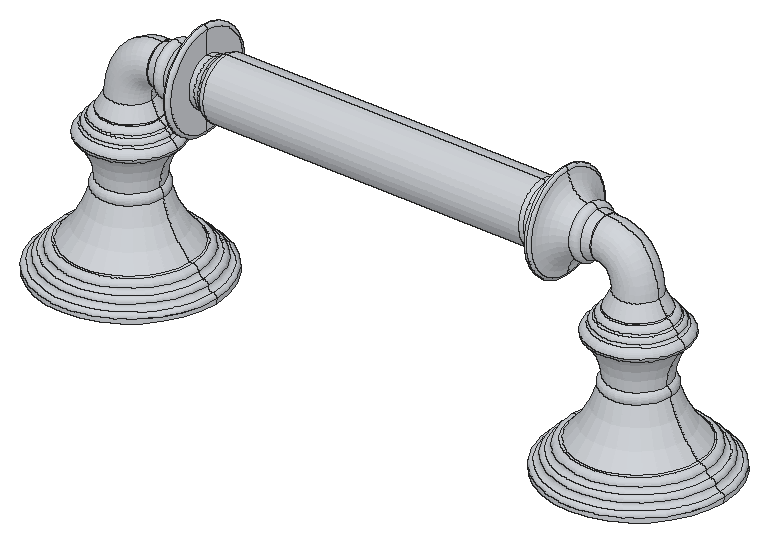
Revit family "Accessory-Tissue_Holder-KOHLER-Devonshire-K-10554T_1", category Specialty Equipment, host Face, Revit 2017
Family settings
  Host = Face
  Round Connector Dimension = Use Diameter
  Part Type = Normal
  OmniClass Number = 23.31.25.21
  OmniClass Title = Toilet Paper Dispensers
  Cut with Voids When Loaded = No
  Shared = No
  Room Calculation Point = No
Parameters (values of type "CP-Polished Chrome")
  Width = 9 1/2"  # constant formula
  WaterSense Certified = 1 = 0  # no
  URL = "http://www.kohler.com.cn/en/"
  Type = 1
  Product Page URL = "http://www.kohler.com.cn/product/K-10554T-CP/K-10554T-CP/"
  Product Name = "DEVONSHIRE"  # constant formula
  Product Documentation Link = "http://files.kohler.com.cn/pdfs/accessory_devonshire.pdf"
  Model = if(Type = 1, "K-10554T-CP", if(Type = 2, "K-10554T-2BZ", "NA"))  # "K-10554T-CP"
  Material = "Premium Metal Construction"  # constant formula
  Master Format 2014 Name = "Toilet, Bath, and Laundry Accessories"  # constant formula
  Master Format 2014 = "10 28 00"  # constant formula
  Manufacturer Address = "158 Jiangchang 3rd Road Zhabei District Shanghai, 200436 China"  # constant formula
  Manufacturer = "KOHLER Co."  # constant formula
  Length = 3 3/8"  # constant formula
  Height = 2 1/2"  # constant formula
  Finish = Kohler-Metal-CP-Polished_Chrome
  Environmental Product Declaration = ""
  Description = "Toilet paper holder"  # constant formula
  Default Elevation = 42"
  Declare Label = ""
  Date Modified = "06/05/2020"  # constant formula
  Date Created = "06/05/2020"  # constant formula
  Copyright = "Copyright KOHLER Co."  # constant formula
  Contact Us = "http://www.kohler.com.cn/en/contact/contact-us/"
  Assembly Code = "C1030200"
  ADA Compliant = 1 = 0  # no
Types (3): name | Type | Product Page URL | Model | Finish
  (no name) | 1 | "http://www.kohler.com.cn/product/K-10554T-CP/K-10554T-CP/" | "K-10554T-CP" | Kohler-Metal-CP-Polished_Chrome
  CP-Polished Chrome | 1 | "http://www.kohler.com.cn/product/K-10554T-CP/K-10554T-CP/" | "K-10554T-CP" | Kohler-Metal-CP-Polished_Chrome
  2BZ-Elegant Black | 2 | "http://www.kohler.com.cn/product/K-10554T-CP/K-10554T-2BZ/" | "K-10554T-2BZ" | Kohler-Metal-2BZ-Elegant_Black
Reference planes (in)
  plane 1 "Center (Front/Back)": y = 0
  plane 2: z = 0
  plane 3 "Center (Left/Right)": x = 0
  plane 4: y = 1.25
  plane 5: y = -1.25
  plane 6: x = 4.75
  plane 7: x = -4.75
  plane 8: x = -3.5
  plane 9: x = 3.5
  plane 10: x = -2.25
  plane 11: x = 2.25
  plane 12: z = 3.375
  plane 13: y = 0.40872
  plane 14: y = -0.40872
  plane 15: z = 2.03829
  plane 16: z = 3.11537
  plane 17: z = 2.29793
  plane 18: z = 0.37087
Dimensions and locks (in)
  plane 8 to plane 9 = 7"
  "Width": plane 7 to plane 6
  "Height": plane 4 to plane 5
  "Length": plane 12 to plane 2
  aligned and locked: plane 2 to host face
  aligned and locked: level to host face
Automatic sketch dimensions
  host sketch curve to host sketch curve = 96"  (x2)
Nested families (in)
  nested 1: "K-10554T" at (0, 0, 0), type "K-10554T"
Definition of nested family "K-10554T"
  Parameters (values of type "K-10554T")
    Material = none
  Reference planes (in)
    plane 1 "Center (Front/Back)": y = 0
    plane 2: z = 0
    plane 3 "Center (Left/Right)": x = 0
    plane 4: y = 1.25
    plane 5: x = -3.5
    plane 6: x = 3.5
    plane 7: z = 3.375
    plane 8: x = -4.75
    plane 9: x = 4.75
    plane 10: y = -1.25
  Forms (in)
    Revolve 1, solid, material <- "Material", detail levels medium+fine
      sketch origin (0, 0, 0) x (1, 0, 0) y (0, 0, 1)
        loop
          line (-3.49949, 0) -> (-3.49949, 2.29981) -> (-3.73422, 2.29981) -> (-3.89203, 2.01444) -> (-3.83322, 2.01444) -> (-3.85169, 1.98902) -> (-3.88978, 1.98902)
          arc (-3.88978, 1.98902) -> (-3.94326, 1.96939) -> (-3.97136, 1.91982) r 0.0827
          arc (-3.97136, 1.91982) -> (-3.97801, 1.90571) -> (-3.99107, 1.89717) r 0.02863
          arc (-3.99107, 1.89717) -> (-4.02461, 1.8737) -> (-4.03845, 1.83517) r 0.06757
          arc (-4.03845, 1.83517) -> (-4.04547, 1.81546) -> (-4.0625, 1.80332) r 0.03486
          arc (-4.0625, 1.80332) -> (-4.11535, 1.76607) -> (-4.13801, 1.70552) r 0.10961
          arc (-4.13801, 1.70552) -> (-4.13523, 1.68877) -> (-4.12549, 1.67485) r 0.03837
          arc (-4.12549, 1.67485) -> (-3.95801, 1.44339) -> (-3.89817, 1.16402) r 0.69282
          arc (-3.89817, 1.16402) -> (-3.94515, 1.11034) -> (-3.94124, 1.0391) r 0.09454
          arc (-3.94124, 1.0391) -> (-4.08842, 0.68502) -> (-4.322, 0.38093) r 1.47289
          arc (-4.322, 0.38093) -> (-4.33496, 0.37273) -> (-4.35018, 0.37084) r 0.03502
          arc (-4.35018, 0.37084) -> (-4.40838, 0.35315) -> (-4.43701, 0.29947) r 0.07945
          arc (-4.43701, 0.29947) -> (-4.45879, 0.25611) -> (-4.50405, 0.23864) r 0.06736
          arc (-4.50405, 0.23864) -> (-4.54798, 0.22044) -> (-4.56618, 0.17651) r 0.06213
          arc (-4.56618, 0.17651) -> (-4.58541, 0.13008) -> (-4.63184, 0.11085) r 0.06566
          arc (-4.63184, 0.11085) -> (-4.67084, 0.09469) -> (-4.68699, 0.0557) r 0.05515
          line (-4.68699, 0.0557) -> (-4.68699, 0) -> (-3.49949, 0)
        axis (-3.49949, 0) -> (-3.49949, 2.29981)
      angle from 0 to 360
    Revolve 2, solid, material <- "Material", detail levels medium+fine
      sketch origin (0, 0, -0.64647) x (1, 0, 0) y (0, 0, 1)
        loop
          line (-3.05474, 3.62262) -> (-3.05474, 3.35314) -> (3.05525, 3.35314) -> (3.05525, 3.62262)
          arc (3.05525, 3.62262) -> (2.99492, 3.63705) -> (2.93528, 3.65414) r 1.40433
          arc (2.93528, 3.65414) -> (2.8718, 3.70702) -> (2.79933, 3.66734) r 0.0734
          arc (2.79933, 3.66734) -> (2.61097, 3.78386) -> (2.52555, 3.98822) r 0.36251
          arc (2.52555, 3.98822) -> (2.51593, 4.00987) -> (2.49499, 4.02095) r 0.03625
          arc (2.49499, 4.02095) -> (2.45925, 4.01078) -> (2.44372, 3.97702) r 0.04446
          line (2.44372, 3.97702) -> (2.44372, 3.67443) -> (2.36432, 3.67721)
          arc (2.36432, 3.67721) -> (2.32593, 3.68433) -> (2.29131, 3.70238) r 0.13188
          arc (2.29131, 3.70238) -> (2.26256, 3.72304) -> (2.23357, 3.74335) r 2.91568
          arc (2.23357, 3.74335) -> (2.20532, 3.75713) -> (2.17425, 3.76186) r 0.10431
          line (2.17425, 3.76186) -> (-2.17374, 3.76186)
          arc (-2.17374, 3.76186) -> (-2.20481, 3.75713) -> (-2.23306, 3.74335) r 0.10431
          arc (-2.23306, 3.74335) -> (-2.26206, 3.72304) -> (-2.2908, 3.70238) r 2.91568
          arc (-2.2908, 3.70238) -> (-2.32543, 3.68433) -> (-2.36382, 3.67721) r 0.13188
          line (-2.36382, 3.67721) -> (-2.44321, 3.67443) -> (-2.44321, 3.97702)
          arc (-2.44321, 3.97702) -> (-2.45874, 4.01078) -> (-2.49448, 4.02095) r 0.04446
          arc (-2.49448, 4.02095) -> (-2.51542, 4.00987) -> (-2.52504, 3.98822) r 0.03625
          arc (-2.52504, 3.98822) -> (-2.61046, 3.78386) -> (-2.79882, 3.66734) r 0.36251
          arc (-2.79882, 3.66734) -> (-2.87129, 3.70702) -> (-2.93477, 3.65414) r 0.0734
          arc (-2.93477, 3.65414) -> (-2.99441, 3.63705) -> (-3.05474, 3.62262) r 1.40433
        axis (3.05525, 3.35314) -> (-3.05474, 3.35314)
      angle from 0 to 360
    SweptBlend 3, solid, material <- "Material", detail levels medium+fine
      path origin (0, 0, -0.64601) x (1, 0, 0) y (0, 0, 1)
        loop
          spline (-3.21057, 2.84828) -> (-3.20974, 2.88837) -> (-3.20718, 2.92433) -> (-3.20273, 2.95628) -> (-3.19625, 2.98433) -> (-3.18761, 3.00863) -> (-3.17667, 3.02928) -> (-3.16328, 3.04641) -> (-3.14731, 3.06015) -> (-3.12861, 3.07063) -> (-3.10704, 3.07795) -> (-3.08246, 3.08226) -> (-3.05474, 3.08367)
      profile origin (-3.21057, 0, 2.20227) x (-1, 0, 0) y (0, -1, 0)
        loop
          circle (0.28892, 0) r 0.28892
      end profile origin (-3.05474, 0, 2.43766) x (0, 0, 1) y (0, -1, 0)
        loop
          circle (0.26948, 0) r 0.26948
    Revolve 4, solid, material <- "Material", detail levels coarse
      sketch origin (0, 0, 0) x (1, 0, 0) y (0, 0, 1)
        loop
          line (-3.5, 0) -> (-3.5, 2.94188) -> (-3.78814, 2.94188) -> (-3.78814, 1.68246) -> (-4.68699, 0) -> (-3.5, 0)
        axis (-3.5, 2.94188) -> (-3.5, 0)
      angle from 0 to 360
    Extrusion 5, solid, material <- "Material", detail levels coarse
      sketch origin (0, 0, -0.25) x (0, 1, 0) y (0, 0, 1)
        loop
          circle (0, 3.01916) r 0.5
      from -3.89895 to 3.94557
    Revolve 6, solid, material <- "Material", detail levels coarse
      sketch origin (0, 0, 0) x (-1, 0, 0) y (0, 0, -1)
        loop
          line (-3.5, 0) -> (-4.68699, 0) -> (-3.78814, -1.68246) -> (-3.78814, -2.94188) -> (-3.5, -2.94188) -> (-3.5, 0)
        axis (-3.5, -2.94188) -> (-3.5, 0)
      angle from 0 to 360
    Revolve 7, solid, material <- "Material", detail levels medium+fine
      sketch origin (0, 0, 0) x (-1, 0, 0) y (0, 0, 1)
        loop
          line (-3.5, 0) -> (-3.5, 2.29979) -> (-3.73473, 2.29979) -> (-3.89253, 2.01442) -> (-3.83373, 2.01442) -> (-3.8522, 1.989) -> (-3.90045, 1.989)
          arc (-3.90045, 1.989) -> (-3.94723, 1.96537) -> (-3.97198, 1.91918) r 0.08709
          arc (-3.97198, 1.91918) -> (-3.97873, 1.90545) -> (-3.99158, 1.89715) r 0.02863
          arc (-3.99158, 1.89715) -> (-4.02512, 1.87368) -> (-4.03896, 1.83515) r 0.06757
          arc (-4.03896, 1.83515) -> (-4.04597, 1.81544) -> (-4.06301, 1.8033) r 0.03486
          arc (-4.06301, 1.8033) -> (-4.11586, 1.76605) -> (-4.13852, 1.7055) r 0.10961
          arc (-4.13852, 1.7055) -> (-4.13574, 1.68875) -> (-4.12599, 1.67483) r 0.03837
          arc (-4.12599, 1.67483) -> (-3.95852, 1.44337) -> (-3.89868, 1.164) r 0.69282
          arc (-3.89868, 1.164) -> (-3.94566, 1.11032) -> (-3.94176, 1.03909) r 0.09454
          arc (-3.94176, 1.03909) -> (-4.08893, 0.68502) -> (-4.32251, 0.38093) r 1.47289
          arc (-4.32251, 0.38093) -> (-4.33547, 0.37273) -> (-4.35069, 0.37084) r 0.03502
          arc (-4.35069, 0.37084) -> (-4.40889, 0.35315) -> (-4.43752, 0.29947) r 0.07945
          arc (-4.43752, 0.29947) -> (-4.4593, 0.25611) -> (-4.50456, 0.23864) r 0.06736
          arc (-4.50456, 0.23864) -> (-4.54849, 0.22044) -> (-4.56669, 0.17651) r 0.06213
          arc (-4.56669, 0.17651) -> (-4.58592, 0.13008) -> (-4.63235, 0.11085) r 0.06566
          arc (-4.63235, 0.11085) -> (-4.67135, 0.09469) -> (-4.6875, 0.0557) r 0.05515
          line (-4.6875, 0.0557) -> (-4.6875, 0) -> (-3.5, 0)
        axis (-3.5, 0) -> (-3.5, 2.29979)
      angle from 0 to 360
    SweptBlend 8, solid, material <- "Material", detail levels medium+fine
      path origin (0, 0, -0.64601) x (-1, 0, 0) y (0, 0, 1)
        loop
          spline (-3.21057, 2.84828) -> (-3.20974, 2.88837) -> (-3.20718, 2.92433) -> (-3.20273, 2.95628) -> (-3.19625, 2.98433) -> (-3.18761, 3.00863) -> (-3.17667, 3.02928) -> (-3.16328, 3.04641) -> (-3.14731, 3.06015) -> (-3.12861, 3.07063) -> (-3.10704, 3.07795) -> (-3.08246, 3.08226) -> (-3.05474, 3.08367)
      profile origin (3.21057, 0, 2.20227) x (-1, 0, 0) y (0, -1, 0)
        loop
          circle (-0.28892, 0) r 0.28892
      end profile origin (3.05474, 0, 2.43766) x (0, 0, -1) y (0, -1, 0)
        loop
          circle (-0.26948, 0) r 0.26948
  Cuts and joins
    joined: Revolve 4, Extrusion 5, Revolve 6
    joined: Revolve 1, SweptBlend 3, Revolve 7, SweptBlend 8
  Lines and regions (in)
    Masking region 1
      outline origin (0, 0, 0) x (1, 0, 0) y (0, 0, 1)
        loop
          line (-2.25, 0) -> (-2.25, 0.0557)
          arc (-2.25, 0.0557) -> (-2.26796, 0.09652) -> (-2.3102, 0.11085) r 0.05536
          arc (-2.3102, 0.11085) -> (-2.38841, 0.13091) -> (-2.43681, 0.19554) r 0.12157
          arc (-2.43681, 0.19554) -> (-2.45918, 0.22677) -> (-2.49572, 0.23864) r 0.06152
          arc (-2.49572, 0.23864) -> (-2.54113, 0.25604) -> (-2.56299, 0.29947) r 0.06736
          arc (-2.56299, 0.29947) -> (-2.59152, 0.35307) -> (-2.64956, 0.37087) r 0.07945
          arc (-2.64956, 0.37087) -> (-2.67157, 0.37537) -> (-2.68733, 0.39138) r 0.03851
          arc (-2.68733, 0.39138) -> (-2.91423, 0.6914) -> (-3.05774, 1.0391) r 1.47289
          arc (-3.05774, 1.0391) -> (-3.05383, 1.11034) -> (-3.10081, 1.16402) r 0.09454
          arc (-3.10081, 1.16402) -> (-3.04092, 1.44351) -> (-2.87329, 1.67504) r 0.69282
          arc (-2.87329, 1.67504) -> (-2.86364, 1.68887) -> (-2.86097, 1.70552) r 0.03775
          arc (-2.86097, 1.70552) -> (-2.88067, 1.76669) -> (-2.93405, 1.80249) r 0.09795
          arc (-2.93405, 1.80249) -> (-2.95208, 1.81378) -> (-2.96049, 1.83334) r 0.03569
          arc (-2.96049, 1.83334) -> (-2.97381, 1.87297) -> (-3.00791, 1.89717) r 0.06757
          arc (-3.00791, 1.89717) -> (-3.02076, 1.90547) -> (-3.02751, 1.9192) r 0.02863
          arc (-3.02751, 1.9192) -> (-3.05226, 1.96539) -> (-3.09904, 1.98902) r 0.08709
          line (-3.09904, 1.98902) -> (-3.1473, 1.98902) -> (-3.16576, 2.01444) -> (-3.10696, 2.01444) -> (-3.21084, 2.20229)
          arc (-3.21084, 2.20229) -> (-3.20626, 2.27586) -> (-3.19261, 2.3483) r 0.59401
          arc (-3.19261, 2.3483) -> (-3.13895, 2.41643) -> (-3.05474, 2.43719) r 0.13346
          arc (-3.05474, 2.43719) -> (-2.99441, 2.42276) -> (-2.93477, 2.40567) r 1.40433
          arc (-2.93477, 2.40567) -> (-2.87129, 2.35279) -> (-2.79882, 2.39247) r 0.0734
          arc (-2.79882, 2.39247) -> (-2.60984, 2.27522) -> (-2.52488, 2.06968) r 0.36251
          arc (-2.52488, 2.06968) -> (-2.51835, 2.05104) -> (-2.5016, 2.04057) r 0.02983
          arc (-2.5016, 2.04057) -> (-2.46162, 2.04676) -> (-2.44321, 2.08279) r 0.04446
          line (-2.44321, 2.08279) -> (-2.44321, 2.38537) -> (-2.34897, 2.38208)
          arc (-2.34897, 2.38208) -> (-2.32418, 2.3773) -> (-2.30185, 2.36551) r 0.08573
          arc (-2.30185, 2.36551) -> (-2.2667, 2.34006) -> (-2.23117, 2.31515) r 2.91568
          arc (-2.23117, 2.31515) -> (-2.20552, 2.30255) -> (-2.17731, 2.29795) r 0.09724
          line (-2.17731, 2.29795) -> (2.17782, 2.29795)
          arc (2.17782, 2.29795) -> (2.20603, 2.30255) -> (2.23168, 2.31515) r 0.09724
          arc (2.23168, 2.31515) -> (2.2672, 2.34006) -> (2.30236, 2.36551) r 2.91568
          arc (2.30236, 2.36551) -> (2.32469, 2.3773) -> (2.34948, 2.38208) r 0.08573
          line (2.34948, 2.38208) -> (2.44372, 2.38537) -> (2.44372, 2.08279)
          arc (2.44372, 2.08279) -> (2.46213, 2.04676) -> (2.50211, 2.04057) r 0.04446
          arc (2.50211, 2.04057) -> (2.51886, 2.05104) -> (2.52539, 2.06968) r 0.02983
          arc (2.52539, 2.06968) -> (2.61035, 2.27522) -> (2.79933, 2.39247) r 0.36251
          arc (2.79933, 2.39247) -> (2.8718, 2.35279) -> (2.93528, 2.40567) r 0.0734
          arc (2.93528, 2.40567) -> (2.99492, 2.42276) -> (3.05525, 2.43719) r 1.40433
          arc (3.05525, 2.43719) -> (3.13945, 2.41643) -> (3.19312, 2.3483) r 0.13346
          arc (3.19312, 2.3483) -> (3.20677, 2.27586) -> (3.21135, 2.20229) r 0.59401
          line (3.21135, 2.20229) -> (3.10747, 2.01444) -> (3.16627, 2.01444) -> (3.1478, 1.98902) -> (3.09955, 1.98902)
          arc (3.09955, 1.98902) -> (3.05277, 1.96539) -> (3.02802, 1.9192) r 0.08709
          arc (3.02802, 1.9192) -> (3.02127, 1.90547) -> (3.00842, 1.89717) r 0.02863
          arc (3.00842, 1.89717) -> (2.97432, 1.87297) -> (2.961, 1.83334) r 0.06757
          arc (2.961, 1.83334) -> (2.95259, 1.81378) -> (2.93455, 1.80249) r 0.03569
          arc (2.93455, 1.80249) -> (2.88118, 1.76669) -> (2.86148, 1.70552) r 0.09795
          arc (2.86148, 1.70552) -> (2.86415, 1.68887) -> (2.8738, 1.67504) r 0.03775
          arc (2.8738, 1.67504) -> (3.04142, 1.44351) -> (3.10132, 1.16402) r 0.69282
          arc (3.10132, 1.16402) -> (3.05434, 1.11034) -> (3.05825, 1.0391) r 0.09454
          arc (3.05825, 1.0391) -> (2.91434, 0.69069) -> (2.6867, 0.39022) r 1.47289
          arc (2.6867, 0.39022) -> (2.67099, 0.37506) -> (2.64956, 0.37087) r 0.03851
          arc (2.64956, 0.37087) -> (2.59152, 0.35307) -> (2.56299, 0.29947) r 0.07945
          arc (2.56299, 0.29947) -> (2.54113, 0.25604) -> (2.49572, 0.23864) r 0.06736
          arc (2.49572, 0.23864) -> (2.45918, 0.22677) -> (2.43681, 0.19554) r 0.06152
          arc (2.43681, 0.19554) -> (2.38841, 0.13091) -> (2.3102, 0.11085) r 0.12157
          arc (2.3102, 0.11085) -> (2.26796, 0.09652) -> (2.25, 0.0557) r 0.05536
          line (2.25, 0.0557) -> (2.25, 0) -> (4.75, 0) -> (4.75, 0.0557)
          arc (4.75, 0.0557) -> (4.73204, 0.09652) -> (4.6898, 0.11085) r 0.05536
          arc (4.6898, 0.11085) -> (4.61159, 0.13091) -> (4.56319, 0.19554) r 0.12157
          arc (4.56319, 0.19554) -> (4.54082, 0.22677) -> (4.50428, 0.23864) r 0.06152
          arc (4.50428, 0.23864) -> (4.45887, 0.25604) -> (4.43701, 0.29947) r 0.06736
          arc (4.43701, 0.29947) -> (4.40848, 0.35307) -> (4.35044, 0.37087) r 0.07945
          arc (4.35044, 0.37087) -> (4.32901, 0.37506) -> (4.3133, 0.39022) r 0.03851
          arc (4.3133, 0.39022) -> (4.08566, 0.69069) -> (3.94175, 1.0391) r 1.47289
          arc (3.94175, 1.0391) -> (3.94566, 1.11034) -> (3.89868, 1.16402) r 0.09454
          arc (3.89868, 1.16402) -> (3.95858, 1.44351) -> (4.1262, 1.67504) r 0.69282
          arc (4.1262, 1.67504) -> (4.13585, 1.68887) -> (4.13852, 1.70552) r 0.03775
          arc (4.13852, 1.70552) -> (4.11882, 1.76669) -> (4.06545, 1.80249) r 0.09795
          arc (4.06545, 1.80249) -> (4.04741, 1.81378) -> (4.039, 1.83334) r 0.03569
          arc (4.039, 1.83334) -> (4.02568, 1.87297) -> (3.99158, 1.89717) r 0.06757
          arc (3.99158, 1.89717) -> (3.97873, 1.90547) -> (3.97198, 1.9192) r 0.02863
          arc (3.97198, 1.9192) -> (3.94723, 1.96539) -> (3.90045, 1.98902) r 0.08709
          line (3.90045, 1.98902) -> (3.8522, 1.98902) -> (3.83373, 2.01444) -> (3.89253, 2.01444) -> (3.78865, 2.20229)
          arc (3.78865, 2.20229) -> (3.7491, 2.45) -> (3.65022, 2.68054) r 1.0188
          arc (3.65022, 2.68054) -> (3.39693, 2.91729) -> (3.05525, 2.97614) r 0.60514
          arc (3.05525, 2.97614) -> (2.99492, 2.99058) -> (2.93528, 3.00766) r 1.40433
          arc (2.93528, 3.00766) -> (2.8718, 3.06054) -> (2.79933, 3.02086) r 0.0734
          arc (2.79933, 3.02086) -> (2.61035, 3.13811) -> (2.52539, 3.34366) r 0.36251
          arc (2.52539, 3.34366) -> (2.51886, 3.36229) -> (2.50211, 3.37276) r 0.02983
          arc (2.50211, 3.37276) -> (2.46213, 3.36657) -> (2.44372, 3.33054) r 0.04446
          line (2.44372, 3.33054) -> (2.44372, 3.02796) -> (2.34948, 3.03125)
          arc (2.34948, 3.03125) -> (2.32469, 3.03603) -> (2.30236, 3.04783) r 0.08573
          arc (2.30236, 3.04783) -> (2.2672, 3.07327) -> (2.23168, 3.09819) r 2.91568
          arc (2.23168, 3.09819) -> (2.20603, 3.11079) -> (2.17782, 3.11539) r 0.09724
          line (2.17782, 3.11539) -> (-2.17731, 3.11539)
          arc (-2.17731, 3.11539) -> (-2.20552, 3.11079) -> (-2.23117, 3.09819) r 0.09724
          arc (-2.23117, 3.09819) -> (-2.2667, 3.07327) -> (-2.30185, 3.04783) r 2.91568
          arc (-2.30185, 3.04783) -> (-2.32418, 3.03603) -> (-2.34897, 3.03125) r 0.08573
          line (-2.34897, 3.03125) -> (-2.44321, 3.02796) -> (-2.44321, 3.33054)
          arc (-2.44321, 3.33054) -> (-2.46162, 3.36657) -> (-2.5016, 3.37276) r 0.04446
          arc (-2.5016, 3.37276) -> (-2.51835, 3.36229) -> (-2.52488, 3.34366) r 0.02983
          arc (-2.52488, 3.34366) -> (-2.60984, 3.13811) -> (-2.79882, 3.02086) r 0.36251
          arc (-2.79882, 3.02086) -> (-2.87129, 3.06054) -> (-2.93477, 3.00766) r 0.0734
          arc (-2.93477, 3.00766) -> (-2.99441, 2.99058) -> (-3.05474, 2.97614) r 1.40433
          arc (-3.05474, 2.97614) -> (-3.39642, 2.91729) -> (-3.64972, 2.68054) r 0.60514
          arc (-3.64972, 2.68054) -> (-3.74859, 2.45) -> (-3.78814, 2.20229) r 1.0188
          line (-3.78814, 2.20229) -> (-3.89203, 2.01444) -> (-3.83322, 2.01444) -> (-3.85169, 1.98902) -> (-3.89995, 1.98902)
          arc (-3.89995, 1.98902) -> (-3.94672, 1.96539) -> (-3.97147, 1.9192) r 0.08709
          arc (-3.97147, 1.9192) -> (-3.97822, 1.90547) -> (-3.99107, 1.89717) r 0.02863
          arc (-3.99107, 1.89717) -> (-4.02517, 1.87297) -> (-4.0385, 1.83334) r 0.06757
          arc (-4.0385, 1.83334) -> (-4.0469, 1.81378) -> (-4.06494, 1.80249) r 0.03569
          arc (-4.06494, 1.80249) -> (-4.12456, 1.75733) -> (-4.13493, 1.68326) r 0.09795
          arc (-4.13493, 1.68326) -> (-3.96061, 1.44915) -> (-3.89817, 1.16402) r 0.69282
          arc (-3.89817, 1.16402) -> (-3.94515, 1.11034) -> (-3.94124, 1.0391) r 0.09454
          arc (-3.94124, 1.0391) -> (-4.08561, 0.6899) -> (-4.31407, 0.38892) r 1.47289
          arc (-4.31407, 0.38892) -> (-4.32968, 0.37471) -> (-4.35044, 0.37087) r 0.03851
          arc (-4.35044, 0.37087) -> (-4.40848, 0.35307) -> (-4.43701, 0.29947) r 0.07945
          arc (-4.43701, 0.29947) -> (-4.45887, 0.25604) -> (-4.50428, 0.23864) r 0.06736
          arc (-4.50428, 0.23864) -> (-4.54082, 0.22677) -> (-4.56319, 0.19554) r 0.06152
          arc (-4.56319, 0.19554) -> (-4.61159, 0.13091) -> (-4.6898, 0.11085) r 0.12157
          arc (-4.6898, 0.11085) -> (-4.73204, 0.09652) -> (-4.75, 0.0557) r 0.05536
          line (-4.75, 0.0557) -> (-4.75, 0) -> (-2.25, 0)
    Masking region 2
      outline origin (0, 0, 0) x (0, 1, 0) y (0, 0, 1)
        loop
          arc (-0.40045, 1.98901) -> (-0.44723, 1.96538) -> (-0.47198, 1.91919) r 0.08709
          arc (-0.47198, 1.91919) -> (-0.47873, 1.90546) -> (-0.49158, 1.89716) r 0.02863
          arc (-0.49158, 1.89716) -> (-0.52568, 1.87296) -> (-0.539, 1.83333) r 0.06757
          arc (-0.539, 1.83333) -> (-0.54741, 1.81377) -> (-0.56545, 1.80248) r 0.03569
          arc (-0.56545, 1.80248) -> (-0.61882, 1.76668) -> (-0.63852, 1.70551) r 0.09795
          arc (-0.63852, 1.70551) -> (-0.63585, 1.68886) -> (-0.6262, 1.67503) r 0.03775
          arc (-0.6262, 1.67503) -> (-0.45858, 1.44351) -> (-0.39868, 1.16401) r 0.69282
          arc (-0.39868, 1.16401) -> (-0.44566, 1.11033) -> (-0.44175, 1.0391) r 0.09454
          arc (-0.44175, 1.0391) -> (-0.58612, 0.6899) -> (-0.81458, 0.38892) r 1.47289
          arc (-0.81458, 0.38892) -> (-0.83019, 0.37471) -> (-0.85095, 0.37087) r 0.03851
          arc (-0.85095, 0.37087) -> (-0.90899, 0.35307) -> (-0.93752, 0.29947) r 0.07945
          arc (-0.93752, 0.29947) -> (-0.96011, 0.25539) -> (-1.00674, 0.23867) r 0.06736
          arc (-1.00674, 0.23867) -> (-1.05649, 0.22449) -> (-1.08874, 0.18404) r 0.08479
          arc (-1.08874, 0.18404) -> (-1.1304, 0.13092) -> (-1.19485, 0.11085) r 0.11352
          arc (-1.19485, 0.11085) -> (-1.23385, 0.09469) -> (-1.25, 0.0557) r 0.05515
          line (-1.25, 0.0557) -> (-1.25, 0) -> (1.25, 0) -> (1.25, 0.0557)
          arc (1.25, 0.0557) -> (1.23385, 0.09469) -> (1.19485, 0.11085) r 0.05515
          arc (1.19485, 0.11085) -> (1.1304, 0.13092) -> (1.08874, 0.18404) r 0.11352
          arc (1.08874, 0.18404) -> (1.05649, 0.22449) -> (1.00674, 0.23867) r 0.08479
          arc (1.00674, 0.23867) -> (0.96011, 0.25539) -> (0.93752, 0.29947) r 0.06736
          arc (0.93752, 0.29947) -> (0.90899, 0.35307) -> (0.85095, 0.37087) r 0.07945
          arc (0.85095, 0.37087) -> (0.83019, 0.37471) -> (0.81458, 0.38892) r 0.03851
          arc (0.81458, 0.38892) -> (0.58612, 0.6899) -> (0.44175, 1.0391) r 1.47289
          arc (0.44175, 1.0391) -> (0.44566, 1.11033) -> (0.39868, 1.16401) r 0.09454
          arc (0.39868, 1.16401) -> (0.45858, 1.44351) -> (0.6262, 1.67503) r 0.69282
          arc (0.6262, 1.67503) -> (0.63585, 1.68886) -> (0.63852, 1.70551) r 0.03775
          arc (0.63852, 1.70551) -> (0.61882, 1.76668) -> (0.56545, 1.80248) r 0.09795
          arc (0.56545, 1.80248) -> (0.54741, 1.81377) -> (0.539, 1.83333) r 0.03569
          arc (0.539, 1.83333) -> (0.52568, 1.87296) -> (0.49158, 1.89716) r 0.06757
          arc (0.49158, 1.89716) -> (0.47873, 1.90546) -> (0.47198, 1.91919) r 0.02863
          arc (0.47198, 1.91919) -> (0.44723, 1.96538) -> (0.40045, 1.98901) r 0.08709
          line (0.40045, 1.98901) -> (0.3522, 1.98901) -> (0.33373, 2.01443) -> (0.39253, 2.01443) -> (0.33086, 2.12596)
          arc (0.33086, 2.12596) -> (0.64606, 2.87779) -> (0, 3.375) r 0.66834
          arc (0, 3.375) -> (-0.64606, 2.87779) -> (-0.33086, 2.12596) r 0.66834
          line (-0.33086, 2.12596) -> (-0.39253, 2.01443) -> (-0.33373, 2.01443) -> (-0.3522, 1.98901) -> (-0.40045, 1.98901)
    Masking region 3
      outline origin (0, 0, 0) x (1, 0, 0) y (0, 1, 0)
        loop
          line (2.17782, 0.40872) -> (-2.17782, 0.40872)
          arc (-2.17782, 0.40872) -> (-2.20603, 0.40412) -> (-2.23168, 0.39152) r 0.09724
          arc (-2.23168, 0.39152) -> (-2.26516, 0.36806) -> (-2.29831, 0.34414) r 2.91568
          arc (-2.29831, 0.34414) -> (-2.74756, 0.99817) -> (-3.5, 1.25) r 1.25
          arc (-3.5, 1.25) -> (-4.38388, 0.88388) -> (-4.75, 0) r 1.25
          arc (-4.75, 0) -> (-4.38388, -0.88388) -> (-3.5, -1.25) r 1.25
          arc (-3.5, -1.25) -> (-2.74756, -0.99817) -> (-2.29831, -0.34414) r 1.25
          arc (-2.29831, -0.34414) -> (-2.26516, -0.36806) -> (-2.23168, -0.39152) r 2.91568
          arc (-2.23168, -0.39152) -> (-2.20603, -0.40412) -> (-2.17782, -0.40872) r 0.09724
          line (-2.17782, -0.40872) -> (2.17782, -0.40872)
          arc (2.17782, -0.40872) -> (2.20603, -0.40412) -> (2.23168, -0.39152) r 0.09724
          arc (2.23168, -0.39152) -> (2.26516, -0.36806) -> (2.29831, -0.34414) r 2.91568
          arc (2.29831, -0.34414) -> (2.74756, -0.99817) -> (3.5, -1.25) r 1.25
          arc (3.5, -1.25) -> (4.38388, -0.88388) -> (4.75, 0) r 1.25
          arc (4.75, 0) -> (4.38388, 0.88388) -> (3.5, 1.25) r 1.25
          arc (3.5, 1.25) -> (2.74756, 0.99817) -> (2.29831, 0.34414) r 1.25
          arc (2.29831, 0.34414) -> (2.26516, 0.36806) -> (2.23168, 0.39152) r 2.91568
          arc (2.23168, 0.39152) -> (2.20603, 0.40412) -> (2.17782, 0.40872) r 0.09724
    symbolic lines, detail levels medium+fine
      curve 1: line (-4.6898, 0, 0.11085) -> (-2.3102, 0, 0.11085)
      curve 2: line (-2.49544, 0, 0.23864) -> (-4.50456, 0, 0.23864)
      curve 3: line (-4.35095, 0, 0.37087) -> (-2.64905, 0, 0.37087)
      curve 4: line (-3.89868, 0, 1.164) -> (-3.10132, 0, 1.164)
      curve 5: line (-4.13852, 0, 1.7055) -> (-2.86148, 0, 1.7055)
      curve 6: line (-4.039, 0, 1.83332) -> (-2.961, 0, 1.83332)
      curve 7: line (-3.97198, 0, 1.91918) -> (-3.02802, 0, 1.91918)
      curve 8: line (-3.8522, 0, 1.989) -> (-3.1478, 0, 1.989)
      curve 9: line (-3.83373, 0, 2.01442) -> (-3.16627, 0, 2.01442)
      curve 10: line (-3.78865, 0, 2.20227) -> (-3.21135, 0, 2.20227)
      curve 11: line (-3.05525, 0, 2.9761) -> (-3.05525, 0, 2.43717)
      curve 12: line (-2.93528, 0, 3.00764) -> (-2.93528, 0, 2.40565)
      curve 13: line (-2.79933, 0, 3.02084) -> (-2.79933, 0, 2.39245)
      curve 14: line (-2.52539, 0, 3.3379) -> (-2.52539, 0, 2.07544)
      curve 15: line (-2.44372, 0, 3.02794) -> (-2.44372, 0, 2.38535)
      curve 16: line (-2.34948, 0, 2.38206) -> (-2.34948, 0, 3.03123)
      curve 17: line (-2.17782, 0, 3.11537) -> (-2.17782, 0, 2.29793)
      curve 18: line (3.05525, 0, 2.9761) -> (3.05525, 0, 2.43717)
      curve 19: line (2.93528, 0, 3.00764) -> (2.93528, 0, 2.40565)
      curve 20: line (2.79933, 0, 3.02084) -> (2.79933, 0, 2.39245)
      curve 21: line (2.52539, 0, 2.06966) -> (2.52539, 0, 3.34364)
      curve 22: line (2.44372, 0, 3.02794) -> (2.44372, 0, 2.38535)
      curve 23: line (2.34948, 0, 2.38206) -> (2.34948, 0, 3.03123)
      curve 24: line (2.17782, 0, 3.11537) -> (2.17782, 0, 2.29793)
      curve 25: arc (0, 0.27409, 2.58227) -> (0, 0, 3.00765) -> (0, -0.27409, 2.58227) r 0.301
      curve 26: arc (0, -0.2693, 2.71627) -> (0, 0, 2.97613) -> (0, 0.2693, 2.71627) r 0.26948
      curve 27: arc (0, -0.27744, 2.48859) -> (0, 0, 3.05954) -> (0, 0.27744, 2.48859) r 0.35288
      curve 28: line (0, 0.33373, 2.01443) -> (0, -0.33373, 2.01443)
      curve 29: line (0, 0.3522, 1.98901) -> (0, -0.3522, 1.98901)
      curve 30: line (0, 0.56545, 1.80248) -> (0, -0.56545, 1.80248)
      curve 31: line (0, 0.63852, 1.70551) -> (0, -0.63852, 1.70551)
      curve 32: line (0, 0.39868, 1.16401) -> (0, -0.39868, 1.16401)
      curve 33: line (0, 0.85095, 0.37087) -> (0, -0.85095, 0.37087)
      curve 34: line (0, 1.00456, 0.23864) -> (0, -1.00456, 0.23864)
      curve 35: line (0, 1.19485, 0.11085) -> (0, -1.19485, 0.11085)
      curve 36: arc (0, 0.31536, 2.15321) -> (0, 0, 3.34365) -> (0, -0.31536, 2.15321) r 0.63699
      curve 37: line (0, 0.32977, 2.12793) -> (0, 0.28768, 2.2018)
      curve 38: line (0, -0.32977, 2.12793) -> (0, -0.28768, 2.2018)
      curve 39: line (0, -0.28768, 2.2018) -> (0, 0.28768, 2.2018)
      curve 40: line (0, 0.28768, 2.2018) -> (0, 0.2693, 2.71627)
      curve 41: line (0, -0.28768, 2.2018) -> (0, -0.2693, 2.71627)
      curve 42: arc (-2.93528, 0.29799, 0) -> (-4.13852, 0, 0) -> (-2.93528, -0.29799, 0) r 0.63852
      curve 43: arc (-3.20776, 0.27379, 0) -> (-3.90045, 0, 0) -> (-3.20776, -0.27379, 0) r 0.40045
      curve 44: arc (-3.03613, 0.2745, 0) -> (-4.039, 0, 0) -> (-3.03613, -0.2745, 0) r 0.539
      curve 45: arc (-2.56033, 0.50805, 0) -> (-4.56821, 0, 0) -> (-2.56033, -0.50805, 0) r 1.06821
      curve 46: line (-3.05525, 0.26948, 0) -> (-3.05525, -0.26948, 0)
      curve 47: line (-3.05525, 0.26948, 0) -> (-3.55503, 0.28361, 0)
      curve 48: line (-3.05525, 0.26948, 0) -> (-2.93528, 0.301, 0)
      curve 49: arc (-2.93528, 0.301, 0) -> (-2.87187, 0.35461, 0) -> (-2.79933, 0.31419, 0) r 0.07299
      curve 50: arc (-2.79933, 0.31419, 0) -> (-2.61024, 0.43136, 0) -> (-2.52539, 0.63699, 0) r 0.36194
      curve 51: line (-2.93528, 0.301, 0) -> (-2.93528, -0.29799, 0)
      curve 52: line (-2.79933, 0.31419, 0) -> (-2.79933, -0.31419, 0)
      curve 53: line (-2.52539, 0.63699, 0) -> (-2.52539, -0.63699, 0)
      curve 54: line (-2.44372, 0.54261, 0) -> (-2.44372, -0.54261, 0)
      curve 55: line (-2.35773, 0.32463, 0) -> (-2.35773, -0.32463, 0)
      curve 56: line (-2.17782, 0.40872, 0) -> (-2.17782, -0.40872, 0)
      curve 57: line (-3.05525, -0.26948, 0) -> (-3.55466, -0.2836, 0)
      curve 58: line (-3.05525, -0.26948, 0) -> (-2.93528, -0.301, 0)
      curve 59: arc (-2.93528, -0.301, 0) -> (-2.87187, -0.35461, 0) -> (-2.79933, -0.31419, 0) r 0.07299
      curve 60: arc (-2.79933, -0.31419, 0) -> (-2.61024, -0.43136, 0) -> (-2.52539, -0.63699, 0) r 0.36194
      curve 61: arc (-2.75455, -0.32841, 0) -> (-4.31458, 0, 0) -> (-2.75455, 0.32841, 0) r 0.81458
      curve 62: arc (-3.55503, 0.28361, 0) -> (-3.78892, -0.00015, 0) -> (-3.55466, -0.2836, 0) r 0.28885
      curve 63: arc (2.93668, 0.30063, 0) -> (4.13852, 0, 0) -> (2.93668, -0.30063, 0) r 0.63852
      curve 64: arc (3.20776, 0.27379, 0) -> (3.90045, 0, 0) -> (3.20776, -0.27379, 0) r 0.40045
      curve 65: arc (3.03613, 0.2745, 0) -> (4.039, 0, 0) -> (3.03613, -0.2745, 0) r 0.539
      curve 66: arc (2.56033, 0.50805, 0) -> (4.56821, 0, 0) -> (2.56033, -0.50805, 0) r 1.06821
      curve 67: line (3.05525, 0.26948, 0) -> (3.05525, -0.26948, 0)
      curve 68: line (3.05525, 0.26948, 0) -> (3.55503, 0.28361, 0)
      curve 69: line (3.05525, 0.26948, 0) -> (2.93668, 0.30063, 0)
      curve 70: line (3.05525, -0.26948, 0) -> (3.55466, -0.2836, 0)
      curve 71: line (3.05525, -0.26948, 0) -> (2.93668, -0.30063, 0)
      curve 72: arc (2.75455, -0.32841, 0) -> (4.31458, 0, 0) -> (2.75455, 0.32841, 0) r 0.81458
      curve 73: arc (3.55503, 0.28361, 0) -> (3.78892, -0.00015, 0) -> (3.55466, -0.2836, 0) r 0.28885
      curve 74: arc (-2.51321, 0.66061, 0) -> (-2.52217, 0.65028, 0) -> (-2.52539, 0.63699, 0) r 0.029
      curve 75: arc (-2.52539, -0.63699, 0) -> (-2.52168, -0.65003, 0) -> (-2.51321, -0.66061, 0) r 0.03436
      curve 76: line (4.6898, 0, 0.11085) -> (2.3102, 0, 0.11085)
      curve 77: line (2.49544, 0, 0.23864) -> (4.50456, 0, 0.23864)
      curve 78: line (4.35095, 0, 0.37087) -> (2.64905, 0, 0.37087)
      curve 79: line (3.89868, 0, 1.164) -> (3.10132, 0, 1.164)
      curve 80: line (4.13852, 0, 1.7055) -> (2.86148, 0, 1.7055)
      curve 81: line (4.039, 0, 1.83332) -> (2.961, 0, 1.83332)
      curve 82: line (3.97198, 0, 1.91918) -> (3.02802, 0, 1.91918)
      curve 83: line (3.8522, 0, 1.989) -> (3.1478, 0, 1.989)
      curve 84: line (3.83373, 0, 2.01442) -> (3.16627, 0, 2.01442)
      curve 85: line (3.78865, 0, 2.20227) -> (3.21135, 0, 2.20227)
      curve 86: line (0, 0.49158, 1.89716) -> (0, -0.49158, 1.89716)
      curve 87: line (0, -0.44175, 1.0391) -> (0, 0.44175, 1.0391)
      curve 88: line (-3.94124, 0, 1.0391) -> (-3.05774, 0, 1.0391)
      curve 89: line (3.94124, 0, 1.0391) -> (3.05774, 0, 1.0391)
      curve 90: arc (-2.29835, 0.3443, 0) -> (-2.32618, 0.32885, 0) -> (-2.35773, 0.32463, 0) r 0.08573
      curve 91: arc (-2.44372, 0.62388, 0) -> (-2.4674, 0.66318, 0) -> (-2.51321, 0.66061, 0) r 0.04446
      curve 92: line (-2.44372, 0.62388, 0) -> (-2.44372, 0.54261, 0)
      curve 93: arc (-2.29835, -0.3443, 0) -> (-2.32618, -0.32885, 0) -> (-2.35773, -0.32463, 0) r 0.08573
      curve 94: arc (-2.44372, -0.62388, 0) -> (-2.4674, -0.66318, 0) -> (-2.51321, -0.66061, 0) r 0.04446
      curve 95: line (-2.44372, -0.62388, 0) -> (-2.44372, -0.54261, 0)
      curve 96: arc (-2.44372, 0.54261, 0) -> (-2.39534, 0.43575, 0) -> (-2.35773, 0.32463, 0) r 1.1875
      curve 97: arc (-2.44372, -0.54261, 0) -> (-2.39534, -0.43575, 0) -> (-2.35773, -0.32463, 0) r 1.1875
      curve 98: arc (2.93528, 0.301, 0) -> (2.87187, 0.35461, 0) -> (2.79933, 0.31419, 0) r 0.07299
      curve 99: arc (2.79933, 0.31419, 0) -> (2.61024, 0.43136, 0) -> (2.52539, 0.63699, 0) r 0.36194
      curve 100: line (2.93528, 0.301, 0) -> (2.93528, -0.301, 0)
      curve 101: line (2.79933, 0.31419, 0) -> (2.79933, -0.31419, 0)
      curve 102: line (2.52539, 0.63699, 0) -> (2.52539, -0.63699, 0)
      curve 103: line (2.44372, 0.54261, 0) -> (2.44372, -0.54261, 0)
      curve 104: line (2.35773, 0.32463, 0) -> (2.35773, -0.32463, 0)
      curve 105: line (2.17782, 0.40872, 0) -> (2.17782, -0.40872, 0)
      curve 106: arc (2.93528, -0.301, 0) -> (2.87187, -0.35461, 0) -> (2.79933, -0.31419, 0) r 0.07299
      curve 107: arc (2.79933, -0.31419, 0) -> (2.61024, -0.43136, 0) -> (2.52539, -0.63699, 0) r 0.36194
      curve 108: arc (2.51321, 0.66061, 0) -> (2.52217, 0.65028, 0) -> (2.52539, 0.63699, 0) r 0.029
      curve 109: arc (2.52539, -0.63699, 0) -> (2.52168, -0.65003, 0) -> (2.51321, -0.66061, 0) r 0.03436
      curve 110: arc (2.29835, 0.3443, 0) -> (2.32618, 0.32885, 0) -> (2.35773, 0.32463, 0) r 0.08573
      curve 111: arc (2.44372, 0.62388, 0) -> (2.4674, 0.66318, 0) -> (2.51321, 0.66061, 0) r 0.04446
      curve 112: line (2.44372, 0.62388, 0) -> (2.44372, 0.54261, 0)
      curve 113: arc (2.29835, -0.3443, 0) -> (2.32618, -0.32885, 0) -> (2.35773, -0.32463, 0) r 0.08573
      curve 114: arc (2.44372, -0.62388, 0) -> (2.4674, -0.66318, 0) -> (2.51321, -0.66061, 0) r 0.04446
      curve 115: line (2.44372, -0.62388, 0) -> (2.44372, -0.54261, 0)
      curve 116: arc (2.44372, 0.54261, 0) -> (2.39534, 0.43575, 0) -> (2.35773, 0.32463, 0) r 1.1875
      curve 117: arc (2.44372, -0.54261, 0) -> (2.39534, -0.43575, 0) -> (2.35773, -0.32463, 0) r 1.1875
  Dimensions and locks (in)
    plane 3 "Center (Left/Right)" to plane 5 = 3 1/2"
    plane 7 to plane 2 = 3 3/8"  (x2)
    plane 8 to plane 3 "Center (Left/Right)" = 4 3/4"
    plane 8 to plane 9 = 9 1/2"
    plane 5 to plane 6 = 7"
    plane 1 "Center (Front/Back)" to plane 4 = 1 1/4"
    aligned and locked: level to plane 2
